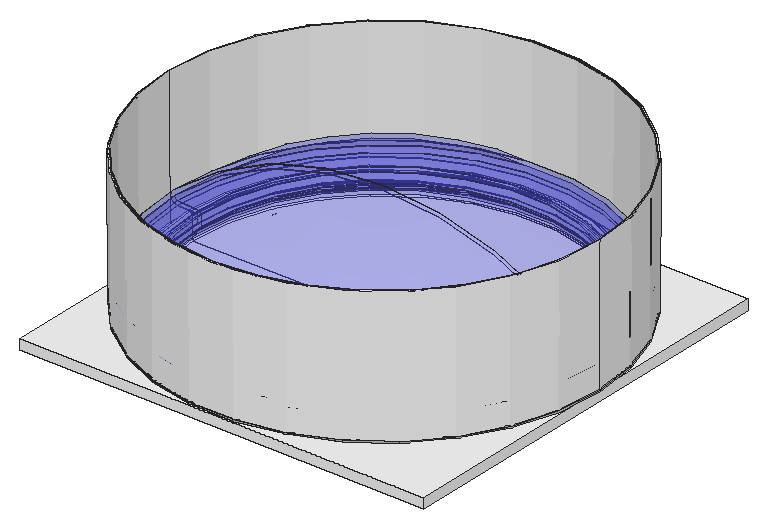
Revit family "BE_51019.2_de_DE", category Leuchten, Revit 2020
Family settings
  Basisbauteil = Fläche
  Bemaßung runder Anschluss = Durchmesser verwenden
  Teiletyp = Normal
  Beim Laden mit Abzugskörper schneiden = Ja
  Lichtquelle = Ja
  Gemeinsam genutzt = Nein
  Raumberechnungspunkt = Ja
Parameters (values of type "BEGA_51019.2_K3")
  built-in parameter 1150104 = 14.034 (stored number, unit not read)
  Wattage = 42.6 W
  Default Elevation = 0 mm
  built-in parameter 1150113 = 1 (stored number, unit not read)
  built-in parameter 1114218 = 1 (stored number, unit not read)
  Umgebungstemperatur = "25 °C"
  URL = "https://www.bega.com/de/produkt/51019.2"
  Typenkommentare = "© 2022 BEGA. Wir behalten uns das Recht vor, technische Änderungen ohne vorherige Ankündigung vorzunehmen."  # constant formula
  built-in parameter 1150134 = (empty or 0)
  built-in parameter 1150109 = 1 (stored number, unit not read)
  Strom = ""
  built-in parameter 1150110 = 1 (stored number, unit not read)
  Spannung = 239.996 V
  Sonderanfertigung = no
  Seriennummer [instance] = "Hier können Sie die eindeutige Seriennummer für das Facility Management eintragen."
  Schutzklasse = "I"
  Schutzart = "IP 20"
  Scheinlast = 0 VA
  Produktdatenblatt = "https://cdn.bega.com/bega/products/51019.2K3/current/documents/data-sheets/de"
  Oberflächentemperatur = ""
  Neigungswinkel = 0.00°
  Modell = "51019.2K3"
  Material_34 = BEGA_Oberfläche_Samtweiss_matt
  Material_22 = BEGA_Oberfläche_Aluminium_matt
  Material_14 = BEGA_Kunststoff_opal
  M_W = no
  M_G = no
  M_A = no
  Logo = 0
  built-in parameter 1114217 = 1 (stored number, unit not read)
  built-in parameter 1150139 = (empty or 0)
  built-in parameter 1150105 = 512.09 (stored number, unit not read)
  built-in parameter 1150114 = 1 (stored number, unit not read)
  Lumens = 6435.16 lm
  built-in parameter 1150115 = 1 (stored number, unit not read)
  Leuchtenlichtstrom = "3918 lm"
  Leuchtenanzahl = ""
  Lebensdauerkriterien = "L70B50 @ 25 °C = 200000 h"
  Lastklassifizierung = Beleuchtung
  built-in parameter 1150112 = 1 (stored number, unit not read)
  Lampenlichtstrom = "6435 lm"
  Lampe = "LED 42.6 W"
  LED_Modulbezeichnung = "LED-0630/930"
  Hersteller = "BEGA"  # constant formula
  Halbstreuwinkel = ""
  Gewicht = "2.95 kg"
  Gebrauchslageneinschränkung [instance] = ""
  Frequenz = "0/50-60 Hz"
  Farbwiedergabeindex = "CRI > 90"
  Farbtemperaturverschiebung bei Dämpfen der Lampe = <Keine Auswahl>
  Farbtemperatur = "3000 K"
  Color Filter = 16777215
  built-in parameter 1150133 = 10 (stored number, unit not read)
  Energieeffizienzklasse = "LED A++ - A"
  built-in parameter 1150137 = (empty or 0)
  built-in parameter 1150132 = (empty or 0)
  ENEC = "ja"
  Dimmbar [instance] = "DALI"
  Datei für fotometrisches Netz = "BE_51019-2K3.ies"
  CE_Konformität = "ja"
  Bestellnummer = "51019.2K3"
  Beschreibung_Sonderanfertigung = "Hier können Sie Informationen zur Sonderanfertigung eintragen."
  Beschreibung = "Deckenleuchte"
  built-in parameter 1150106 = 5.1209 (stored number, unit not read)
  Befestigungsbohrung = "Ø 6 mm"
  Befestigungsabstand = "340 mm"
  Ballwurfsicher = ""
  BEGA_Intern_aus = yes
  BEGA_Intern_an = yes
  BEGA_Intern_Konstruktion = yes
  BEGA_Intern = yes
  BEGA_IES = yes
  BEGA_Dummy = no
  Anschlussleitung = ""
  Anschlussleistung [instance] = "47.4 W"
  Anschlusskasten = ""
  built-in parameter 1150107 = 3000 (stored number, unit not read)
  built-in parameter 1150102 = (empty or 0)
  built-in parameter 1150138 = (empty or 0)
  Aktualisierung = "2022-11-03T04:00:04"
  Abstand_zur_angestrahlten_Fläche [instance] = ""
  AC/DC = "AC/DC"
Reference planes
  plane 1 "Mitte (Vorne/Hinten)": y = 0
  plane 2: z = 0
  plane 3 "Mitte (Links/Rechts)": x = 0
  plane 4 "Links": x = -215
  plane 5 "Rechts": x = 215
  plane 6 "Unten": y = -215
  plane 7 "Oben": y = 215
  plane 8 "Vorne": z = 144.998
  plane 9 "Hinten": z = 0
Forms (mm)
  Extrusion 1, solid, material "BEGA_Platte_Weiss"
    sketch origin (0, -1119.2, 0) x (1, 0, 0) y (0, 1, 0)
      loop
        line (-200, 1319.2) -> (-200, 919.2) -> (200, 919.2) -> (200, 1319.2) -> (-200, 1319.2)
    from 0 to -10
  Extrusion 2, solid, material "BEGA_Dummy_matt", visible <- "BEGA_Dummy"
    sketch origin (77.149, -76.023, 0) x (1, 0, 0) y (0, 1, 0)
      loop
        circle (-77.149, 76.023) r 213.964
    from 0 to 144.998
Dimensions and locks
  plane 1 "Mitte (Vorne/Hinten)" to Extrusion 1 = 200 mm
  aligned and locked: plane 2 to Extrusion 1
  aligned and locked: level to Extrusion 1
Nested families
  nested 1: "BE_51019.2_Leuchte" at (0, 0, 0), type "BE_51019.2_Leuchte"
Connectors
  electrical at (0, 0, 0), driven by "Lastklassifizierung", driven by "Spannung", driven by "Scheinlast"
    settings: index 1, voltage 239.996 V, apparent load 0 VA, apparent load phase1 0 VA, apparent load phase2 0 VA, apparent load phase3 0 VA, power factor 1, load classification "Beleuchtung", number of poles 1, system type 31, power factor state 1, is connector primary yes, connector utility no, sub classification motor no, connector description ""
Definition of nested family "BE_51019.2_Leuchte"
  Parameters (values of type "BE_51019.2_Leuchte")
    Default Elevation = 1 mm
    URL = "http://www.bega.de/de/produkt"
    Type Comments = "© 2015 BEGA. Wir behalten uns das Recht vor, technische Änderungen ohne vorherige Ankündigung vorzunehmen. "  # constant formula
    Type Image = (empty or 0)
    Material_34 = none
    Material_22 = none
    Material_17 = none
    Material_15 = none
    Material_14 = none
    Material_11 = none
    Material_09 = none
    Material_06 = none
    Material_01 = none
    Länge_Platte = 200 mm  # constant formula
    Höhe_Platte = -10 mm  # constant formula
    Manufacturer = "BEGA"  # constant formula
    Breite_Platte = 200 mm  # constant formula
  Reference planes
    plane 1 "Mitte (Oben/Unten)": y = 0
    plane 2: z = 0
    plane 3 "Mitte (Links/Rechts)": x = 0
    plane 4: y = 215
    plane 5: x = 215
    plane 6: y = -215
    plane 7: x = -215
    plane 8: z = 144.998
  Forms (mm)
    Extrusion 1, solid, detail levels medium
      sketch origin (0, 0, 0) x (1, 0, 0) y (0, 1, 0)
        loop
          line (-100, 100) -> (-100, -100) -> (100, -100) -> (100, 100) -> (-100, 100)
      from 0 to -10 <- "Höhe_Platte"
    Revolve 2, solid, material <- "Material_34"
      sketch origin (0, 0, 0) x (1, 0, 0) y (0, 0, 1)
        loop
          line (194, 27.5) -> (191.844, 27.5)
          arc (191.844, 27.5) -> (190.578, 26.986) -> (190.038, 25.731) r 1.8
          line (190.038, 25.731) -> (189.667, 4.483)
          arc (189.667, 4.483) -> (189.368, 3.787) -> (188.667, 3.5) r 1
          line (188.667, 3.5) -> (0, 3.5) -> (0, 2.5) -> (188.667, 2.5)
          arc (188.667, 2.5) -> (190.069, 3.073) -> (190.667, 4.465) r 2
          line (190.667, 4.465) -> (191.038, 25.71)
          arc (191.038, 25.71) -> (191.277, 26.271) -> (191.842, 26.5) r 0.8
          line (191.842, 26.5) -> (194, 26.5) -> (194, 27.5)
        axis (0, 2.5) -> (0, 27.5)
      angle from 0 to 360
    Revolve 3, solid, material <- "Material_14"
      sketch origin (0, 0, 0) x (1, 0, 0) y (0, 0, 1)
        loop
          line (-180.1, 18.672) -> (-180.1, 28.954)
          arc (-180.1, 28.954) -> (-180.929, 31.025) -> (-182.958, 31.951) r 3
          line (-182.958, 31.951) -> (-203.42, 33.023)
          arc (-203.42, 33.023) -> (-206.106, 35.053) -> (-205.214, 38.299) r 3
          arc (-205.214, 38.299) -> (-109.366, 94.472) -> (0, 114.002) r 315.999
          line (0, 114.002) -> (0, 118)
          arc (0, 118) -> (-110.737, 98.229) -> (-207.79, 41.358) r 319.999
          arc (-207.79, 41.358) -> (-209.896, 33.781) -> (-203.629, 29.029) r 7
          line (-203.629, 29.029) -> (-184.948, 28.05)
          arc (-184.948, 28.05) -> (-184.273, 27.738) -> (-184, 27.046) r 1
          line (-184, 27.046) -> (-184, 19.769)
          arc (-184, 19.769) -> (-184.105, 19.372) -> (-184.394, 19.08) r 0.8
          line (-184.394, 19.08) -> (-188.854, 16.504)
          arc (-188.854, 16.504) -> (-189.144, 16.212) -> (-189.25, 15.814) r 0.8
          line (-189.25, 15.814) -> (-189.25, 9.5) -> (-185.25, 9.5) -> (-185.25, 12.233)
          arc (-185.25, 12.233) -> (-184.85, 13.73) -> (-183.757, 14.828) r 3.001
          line (-183.757, 14.828) -> (-181.585, 16.082)
          arc (-181.585, 16.082) -> (-180.497, 17.179) -> (-180.1, 18.672) r 3.001
        axis (0, 9.5) -> (0, 118)
      angle from 0 to 360
    Revolve 4, solid, material <- "Material_34"
      sketch origin (0, 0, 0) x (1, 0, 0) y (0, 0, 1)
        loop
          line (213.964, 144.995) -> (213.104, 144.998) -> (213.104, 12.503)
          arc (213.104, 12.503) -> (212.623, 11.343) -> (211.463, 10.862) r 1.641
          line (211.463, 10.862) -> (192.751, 10.862) -> (191.268, 1.501) -> (181, 1.501) -> (181, 0) -> (189.991, 0)
          arc (189.991, 0) -> (192.1, 0.863) -> (193, 2.956) r 3.009
          line (193, 2.956) -> (193.114, 9.5) -> (211.492, 9.5)
          arc (211.492, 9.5) -> (212.909, 10.082) -> (213.498, 11.496) r 1.998
          line (213.498, 11.496) -> (213.964, 144.995)
        axis (0, 0) -> (0, 144.998)
      angle from 0 to 360
    Revolve 5, solid, material <- "Material_22"
      sketch origin (0, 0, 0) x (1, 0, 0) y (0, 0, 1)
        loop
          line (212.464, 144.995) -> (211.998, 11.496) -> (193.465, 11.496)
          arc (193.465, 11.496) -> (191.804, 10.733) -> (191.106, 9.044) r 2.5
          line (191.106, 9.044) -> (190.991, 2.5) -> (181, 2.5) -> (181, 1) -> (189.991, 1)
          arc (189.991, 1) -> (191.399, 1.576) -> (192, 2.974) r 2.009
          line (192, 2.974) -> (192.105, 9.026)
          arc (192.105, 9.026) -> (192.516, 10.031) -> (193.497, 10.496) r 1.5
          line (193.497, 10.496) -> (210.957, 10.496)
          arc (210.957, 10.496) -> (212.398, 11.09) -> (213.002, 12.527) r 2.045
          line (213.002, 12.527) -> (213.464, 144.995) -> (212.464, 144.995)
        axis (0, 1) -> (0, 144.995)
      angle from 0 to 360
  Dimensions and locks
    equal spacing: Extrusion 1 sketch curve, plane 3 "Mitte (Links/Rechts)", Extrusion 1 sketch curve
    equal spacing: Extrusion 1 sketch curve, plane 1 "Mitte (Oben/Unten)", Extrusion 1 sketch curve
    "Länge_Platte": Extrusion 1 sketch curve to Extrusion 1 sketch curve
    "Breite_Platte": Extrusion 1 sketch curve to Extrusion 1 sketch curve
    plane 1 "Mitte (Oben/Unten)" to Extrusion 1 = 100 mm  (x3)
    aligned and locked: plane 2 to Extrusion 1
    aligned and locked: level to Extrusion 1
  Automatic sketch dimensions
    Revolve 2 sketch curve to Revolve 2 sketch curve = 0 mm  (x16)
    Revolve 2 sketch curve to plane 3 "Mitte (Links/Rechts)" = 0 mm  (x2)
    level to Revolve 2 sketch curve = 4.5 mm
    plane 3 "Mitte (Links/Rechts)" to Revolve 2 sketch curve = 188.667 mm
    level to Revolve 2 sketch curve = 25.71 mm
    Revolve 2 sketch curve to Revolve 2 sketch curve = 2.371 mm
    Revolve 2 sketch curve to Revolve 2 sketch curve = 0.8 mm
    Revolve 2 sketch curve to Revolve 2 sketch curve = 0.004 mm
    Revolve 2 sketch curve to Revolve 2 sketch curve = 0.002 mm
    Revolve 2 sketch curve to Revolve 2 sketch curve = 2.156 mm
    Revolve 2 sketch curve to Revolve 2 sketch curve = 0.01 mm
    Revolve 2 sketch curve to Revolve 2 sketch curve = 1 mm  (x5)
    level to Revolve 2 sketch curve = 25.731 mm
    level to Revolve 2 sketch curve = 4.465 mm
    Revolve 2 sketch curve to level = 609.6 mm
    Revolve 3 sketch curve to plane 3 "Mitte (Links/Rechts)" = 0.001 mm
    level to Revolve 3 sketch curve = 16.082 mm
    Revolve 3 sketch curve to Revolve 3 sketch curve = 0.664 mm
    Revolve 3 sketch curve to Revolve 3 sketch curve = 1.373 mm
    Revolve 3 sketch curve to Revolve 3 sketch curve = 0.142 mm
    Revolve 3 sketch curve to Revolve 3 sketch curve = 1.516 mm
    level to Revolve 3 sketch curve = 14.828 mm
    Revolve 3 sketch curve to Revolve 3 sketch curve = 2.172 mm
    level to Revolve 3 sketch curve = 19.08 mm
    Revolve 3 sketch curve to Revolve 3 sketch curve = 1.293 mm
    Revolve 3 sketch curve to Revolve 3 sketch curve = 0.406 mm
    Revolve 3 sketch curve to Revolve 3 sketch curve = 1.9 mm
    Revolve 3 sketch curve to Revolve 3 sketch curve = 3.001 mm
    Revolve 3 sketch curve to Revolve 3 sketch curve = 4.693 mm
    level to Revolve 3 sketch curve = 16.504 mm
    Revolve 3 sketch curve to Revolve 3 sketch curve = 0.405 mm
    Revolve 3 sketch curve to Revolve 3 sketch curve = 4 mm
    Revolve 3 sketch curve to Revolve 3 sketch curve = 18.263 mm
    Revolve 3 sketch curve to Revolve 3 sketch curve = 0.002 mm  (x3)
    plane 3 "Mitte (Links/Rechts)" to Revolve 3 sketch curve = 0.002 mm
    Revolve 3 sketch curve to Revolve 3 sketch curve = 2.595 mm
    Revolve 3 sketch curve to Revolve 3 sketch curve = 2.733 mm
    Revolve 3 sketch curve to Revolve 3 sketch curve = 0.001 mm
    Revolve 3 sketch curve to Revolve 3 sketch curve = 0.69 mm
    Revolve 3 sketch curve to Revolve 3 sketch curve = 0.408 mm
    Revolve 3 sketch curve to Revolve 3 sketch curve = 0.689 mm
    Revolve 3 sketch curve to Revolve 3 sketch curve = 4.9 mm
    Revolve 3 sketch curve to Revolve 3 sketch curve = 1.903 mm
    Revolve 3 sketch curve to Revolve 3 sketch curve = 8.966 mm
    Revolve 3 sketch curve to Revolve 3 sketch curve = 0 mm  (x13)
    level to Revolve 3 sketch curve = 19.769 mm
    Revolve 3 sketch curve to Revolve 3 sketch curve = 0.394 mm
    Revolve 3 sketch curve to Revolve 3 sketch curve = 1 mm
    level to Revolve 3 sketch curve = 27.046 mm
    level to Revolve 3 sketch curve = 28.05 mm
    Revolve 3 sketch curve to Revolve 3 sketch curve = 0.052 mm
    level to Revolve 3 sketch curve = 33.023 mm
    Revolve 3 sketch curve to Revolve 3 sketch curve = 0.155 mm
    Revolve 3 sketch curve to Revolve 3 sketch curve = 0.207 mm
    level to Revolve 3 sketch curve = 29.029 mm
    Revolve 3 sketch curve to Revolve 3 sketch curve = 1.951 mm
    Revolve 3 sketch curve to Revolve 3 sketch curve = 2.576 mm
    level to Revolve 3 sketch curve = 114.002 mm
    Revolve 3 sketch curve to Revolve 3 sketch curve = 2.59 mm
    Revolve 3 sketch curve to Revolve 3 sketch curve = 0.005 mm
    Revolve 3 sketch curve to plane 3 "Mitte (Links/Rechts)" = 181.585 mm
    Revolve 3 sketch curve to plane 3 "Mitte (Links/Rechts)" = 0 mm
    Revolve 4 sketch curve to plane 3 "Mitte (Links/Rechts)" = 0 mm
    level to Revolve 4 sketch curve = 1.501 mm
    plane 3 "Mitte (Links/Rechts)" to Revolve 4 sketch curve = 181 mm
    Revolve 4 sketch curve to Revolve 4 sketch curve = 1.277 mm
    Revolve 4 sketch curve to Revolve 4 sketch curve = 2.76 mm
    Revolve 4 sketch curve to Revolve 4 sketch curve = 18.712 mm
    Revolve 4 sketch curve to Revolve 4 sketch curve = 0.029 mm
    Revolve 4 sketch curve to Revolve 4 sketch curve = 0.037 mm
    Revolve 4 sketch curve to Revolve 4 sketch curve = 0.394 mm
    Revolve 4 sketch curve to Revolve 4 sketch curve = 0.86 mm
    level to Revolve 4 sketch curve = 0 mm
    Revolve 4 sketch curve to Revolve 4 sketch curve = 1.362 mm
    Revolve 4 sketch curve to Revolve 4 sketch curve = 1.005 mm
    Revolve 4 sketch curve to Revolve 4 sketch curve = 132.492 mm
    Revolve 4 sketch curve to Revolve 4 sketch curve = 0.003 mm
    Revolve 4 sketch curve to Revolve 4 sketch curve = 1.731 mm
    level to Revolve 4 sketch curve = 2.956 mm
    Revolve 4 sketch curve to Revolve 4 sketch curve = 0 mm
    level to Revolve 4 sketch curve = 9.5 mm
    Revolve 4 sketch curve to Revolve 4 sketch curve = 0.363 mm
    Revolve 4 sketch curve to Revolve 4 sketch curve = 2464.06 mm
    Revolve 4 sketch curve to Revolve 4 sketch curve = 1.007 mm
    Revolve 4 sketch curve to Revolve 4 sketch curve = 1.641 mm
    Revolve 4 sketch curve to Revolve 4 sketch curve = 8.991 mm
    Revolve 4 sketch curve to Revolve 4 sketch curve = 1.508 mm
    Revolve 4 sketch curve to level = 609.6 mm
    Revolve 5 sketch curve to Revolve 5 sketch curve = 0 mm  (x5)
    Revolve 5 sketch curve to plane 3 "Mitte (Links/Rechts)" = 0 mm
    level to Revolve 5 sketch curve = 1 mm
    plane 3 "Mitte (Links/Rechts)" to Revolve 5 sketch curve = 181 mm
    level to Revolve 5 sketch curve = 3.009 mm
    Revolve 5 sketch curve to Revolve 5 sketch curve = 8.991 mm
    level to Revolve 5 sketch curve = 2.5 mm
    Revolve 5 sketch curve to Revolve 5 sketch curve = 1 mm  (x4)
    Revolve 5 sketch curve to Revolve 5 sketch curve = 3.474 mm
    Revolve 5 sketch curve to Revolve 5 sketch curve = 0.032 mm
    Revolve 5 sketch curve to Revolve 5 sketch curve = 0.109 mm
    Revolve 5 sketch curve to Revolve 5 sketch curve = 17.492 mm
    Revolve 5 sketch curve to Revolve 5 sketch curve = 1.042 mm
    Revolve 5 sketch curve to Revolve 5 sketch curve = 1.508 mm
    Revolve 5 sketch curve to Revolve 5 sketch curve = 5.991 mm
    Revolve 5 sketch curve to Revolve 5 sketch curve = 1.496 mm
    level to Revolve 5 sketch curve = 9.044 mm
    Revolve 5 sketch curve to Revolve 5 sketch curve = 2.5 mm
    Revolve 5 sketch curve to Revolve 5 sketch curve = 1.008 mm
    level to Revolve 5 sketch curve = 2.974 mm
    level to Revolve 5 sketch curve = 9.026 mm
    Revolve 5 sketch curve to Revolve 5 sketch curve = 1.004 mm
    Revolve 5 sketch curve to level = 609.6 mm
    Revolve 5 sketch curve to Revolve 5 sketch curve = 2464.063 mm
    Revolve 5 sketch curve to Revolve 5 sketch curve = 1.045 mm
    Revolve 5 sketch curve to Revolve 5 sketch curve = 132.468 mm
